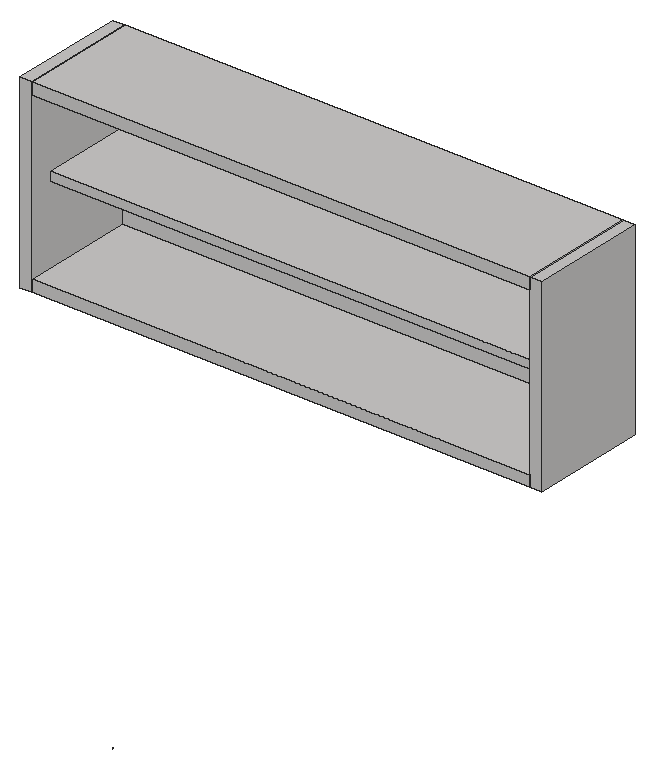
Revit family "QF_ELECTROLUXPROFESSIONAL_133260_PA1800LCN", category Attrezzature speciali, Revit 2020
Family settings
  Quota connettore circolare = Usa diametro
  Tipo di parte = Normale
  Basato su piano di lavoro = No
  Sempre verticale = Sì
  Taglio con vuoti quando caricato = No
  Condiviso = No
  Punto di calcolo locali = No
Parameters (values of type "Standard")
  Weight = 28.00 kg
  Watts = 0 W
  Volts = 0 V
  URL Manufacturer = "https://www.electroluxprofessional.com/"
  URL = "https://www.electroluxprofessional.com/"
  Steam Supply Size = 0 mm
  Steam Supply Minimum Pressure = 0.0 Pa
  Steam Supply Maximum Pressure = 0.0 Pa
  Steam Consumption per Hour = 0
  Refrigeration Suction Line Size = 0.0 mm
  Refrigeration Liquid Line Size = 0.0 mm
  Refrigerant Compressor Remote = yes
  Prospetto di default = 0.0 mm
  Phase = 0
  Modello = "PA1800LCN"
  Produttore = "Electrolux Professional"
  Length Actual = 1800.0 mm  # constant formula
  Item Number = "133260"
  Hot Water Size = 0 mm
  Height Actual = 650.0 mm  # constant formula
  HP = "0 HP"
  Gas Size = 0 mm
  Gas KW = 0
  Gas Input Pressure = 0 W
  Direct Waste Size = 0 mm
  Descrizione = "OPEN WALL CUPBOARD 1800 MM"
  Depth Actual = 400.0 mm  # constant formula
  Cycle = 0 Hz
  Condensate Return Size = 0 mm
  Compressed Air Volume = 0.0 L/s
  Compressed Air Size = 0 mm
  Compressed Air Pressure = 0.0 Pa
  Cold Water Size = 0 mm
  Accessory = yes
Reference planes
  plane 1 "Center (Front/Back)": y = 0
  plane 2: z = 0
  plane 3 "Center (Left/Right)": x = -300
  plane 4 "LEFT": x = -1200
  plane 5 "RIGHT": x = 600
  plane 6 "BACK": y = 200
  plane 7 "FRONT": y = -200
  plane 8 "Base": z = 2250
  plane 9 "BASE": z = 1600
  plane 10: x = -1160
  plane 11: x = 560
  plane 12: y = -197
  plane 13: y = 150
  plane 14: y = 190
  plane 15 "Ripiano": z = 1910
  plane 16: z = 1940
Forms (mm)
  Extrusion 1, solid, material "QF_Finishes_Stainless Steel"
    sketch origin (0, 0, 1600) x (-1, 0, 0) y (0, -1, 0)
      loop
        line (1200, -200) -> (1200, 200) -> (1160, 200) -> (1160, -200) -> (1200, -200)
      loop
        line (-560, -200) -> (-560, 200) -> (-600, 200) -> (-600, -200) -> (-560, -200)
    from 0 to 650
  Extrusion 2, solid, material "QF_Finishes_Stainless Steel"
    sketch origin (0, 0, 1600) x (-1, 0, 0) y (0, -1, 0)
      loop
        line (1160, -200) -> (1160, 200) -> (-560, 200) -> (-560, -200) -> (1160, -200)
    from 0 to 40
  Extrusion 3, solid, material "QF_Finishes_Stainless Steel"
    sketch origin (0, 0, 0) x (1, 0, 0) y (0, 1, 0)
      loop
        line (-1160, -200) -> (560, -200) -> (560, 200) -> (-1160, 200) -> (-1160, -200)
    from 2210 to 2250
  Extrusion 4, solid, material "QF_Finishes_Stainless Steel"
    sketch origin (0, 0, 0) x (1, 0, 0) y (0, 1, 0)
      loop
        line (-1200, 200) -> (-1200, 199) -> (-1199, 199) -> (-1199, 200) -> (-1200, 200)
    from 0 to 1
  Extrusion 5, solid, material "QF_Finishes_Stainless Steel"
    sketch origin (0, 0, 1910) x (-1, 0, 0) y (0, -1, 0)
      loop
        line (1160, -190) -> (1160, 124.1) -> (-560, 124.1) -> (-560, -190) -> (1160, -190)
    from 0 to 30
  Extrusion 6, solid, material "QF_Finishes_Stainless Steel"
    sketch origin (0, 0, 1910) x (-1, 0, 0) y (0, -1, 0)
      loop
        line (1160, -200) -> (1160, -190) -> (-560, -190) -> (-560, -200) -> (1160, -200)
    from -270 to 300
Lines and regions (mm)
  symbolic lines
    curve 1: line (600, 200, 0) -> (-1200, -200, 0)
    curve 2: line (-1200, 200, 0) -> (600, 200, 0)
    curve 3: line (-1200, -200, 0) -> (-1200, 200, 0)
    curve 4: line (600, -200, 0) -> (-1200, -200, 0)
    curve 5: line (600, 200, 0) -> (600, -200, 0)
  symbolic lines, style "SpecialityEquipmentHiddenLines"
    curve 6: line (-1160, -124.1, 1910) -> (560, -124.1, 1910)
    curve 7: line (560, -200, 1910) -> (560, 190, 1910)
    curve 8: line (560, 190, 1910) -> (-1160, 190, 1910)
    curve 9: line (-1160, 190, 1910) -> (-1160, -200, 1910)
Dimensions and locks
  plane 4 "LEFT" to plane 5 "RIGHT" = 1800.0 mm
  equal spacing: plane 4 "LEFT", plane 3 "Center (Left/Right)", plane 5 "RIGHT"
  plane 6 "BACK" to plane 7 "FRONT" = 400.0 mm
  equal spacing: plane 6 "BACK", plane 1 "Center (Front/Back)", plane 7 "FRONT"
  plane 9 "BASE" to level = 1600.0 mm
  locked: plane 4 "LEFT" to plane 10 at 40
  locked: plane 11 to plane 5 "RIGHT" at 40
  plane 12 to plane 7 "FRONT" = 3.0 mm
  plane 6 "BACK" to plane 13 = 50.0 mm
  locked: plane 8 "Base" to plane 9 "BASE" at 650
  locked: plane 15 "Ripiano" to plane 9 "BASE" at 310
  locked: plane 16 to plane 15 "Ripiano" at 30
  aligned and locked: level to plane 2
  aligned and locked: plane 8 "Base" to Extrusion 1
  aligned and locked: plane 6 "BACK" to Extrusion 1 sketch curve
  aligned and locked: Extrusion 1 sketch curve to plane 6 "BACK"
  aligned and locked: plane 7 "FRONT" to Extrusion 1 sketch curve
  aligned and locked: Extrusion 1 sketch curve to plane 7 "FRONT"
  aligned and locked: plane 10 to Extrusion 1
  aligned and locked: Extrusion 1 to plane 11
  aligned and locked: Extrusion 2 to plane 10
  aligned and locked: plane 11 to Extrusion 2
  aligned and locked: plane 8 "Base" to Extrusion 3
  aligned and locked: Extrusion 3 to plane 7 "FRONT"
  aligned and locked: Extrusion 2 to plane 7 "FRONT"
Automatic sketch dimensions
  Extrusion 1 sketch curve to plane 5 "RIGHT" = 0.0 mm
  Extrusion 1 sketch curve to plane 11 = 0.0 mm
  Extrusion 1 sketch curve to plane 10 = 0.0 mm
  Extrusion 1 sketch curve to plane 4 "LEFT" = 0.0 mm
  Extrusion 2 sketch curve to plane 11 = 0.0 mm
  Extrusion 2 sketch curve to plane 10 = 0.0 mm
  Extrusion 2 sketch curve to plane 13 = 50.0 mm
  Extrusion 2 sketch curve to plane 12 = 3.0 mm
  Extrusion 3 sketch curve to plane 10 = 0.0 mm
  Extrusion 3 sketch curve to plane 11 = 0.0 mm
  Extrusion 3 sketch curve to plane 12 = 3.0 mm
  Extrusion 3 sketch curve to plane 14 = 10.0 mm
  Extrusion 4 sketch curve to plane 6 "BACK" = 0.0 mm
  Extrusion 4 sketch curve to plane 4 "LEFT" = 0.0 mm
  plane 4 "LEFT" to Extrusion 4 sketch curve = 1.0 mm
  Extrusion 4 sketch curve to plane 6 "BACK" = 1.0 mm
  curve 4 to plane 4 "LEFT" = 0.0 mm
  curve 5 to plane 5 "RIGHT" = 0.0 mm
  Extrusion 5 sketch curve to plane 11 = 0.0 mm
  Extrusion 5 sketch curve to plane 10 = 0.0 mm
  plane 14 to Extrusion 5 sketch curve = 0.0 mm
  plane 12 to Extrusion 5 sketch curve = 72.9 mm
  Extrusion 6 sketch curve to plane 6 "BACK" = 0.0 mm
  Extrusion 6 sketch curve to plane 11 = 0.0 mm
  Extrusion 6 sketch curve to plane 10 = 0.0 mm
  plane 14 to Extrusion 6 sketch curve = 0.0 mm
  curve 1 to plane 7 "FRONT" = 0.0 mm
  curve 3 to plane 6 "BACK" = 0.0 mm
  curve 6 to plane 11 = 0.0 mm
  curve 6 to plane 10 = 0.0 mm
  plane 14 to curve 9 = 0.0 mm
  curve 9 to plane 7 "FRONT" = 0.0 mm
  curve 7 to plane 7 "FRONT" = 0.0 mm
  plane 12 to curve 6 = 72.9 mm
